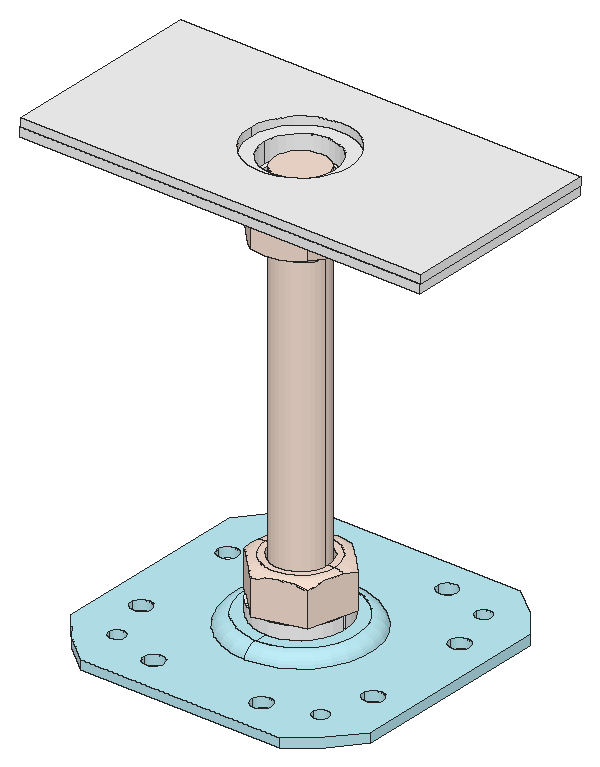
Revit family "GTクイーンST(Aタイプ)", category 機械設備, Revit 2020
Family settings
  丸型コネクタ寸法 = 直径を使用
  種別 = なし
  パーツ タイプ = 標準
  作業面ベース = いいえ
  常に垂直 = はい
  ロード時にボイドで切り取り = いいえ
  共有 = いいえ
  部屋計算ポイント = いいえ
Parameters
  製造元 = "株式会社桐井製作所"
  既定の高さ = 0 mm
  URL = "https://www.kirii.co.jp/"
  K_名称 = "GTクイーンST(Aタイプ)"
  K_備考 = "ボルト長さ60mm~250mmまで対応"
  K_バージョン情報 = "20230413"
Reference planes
  plane 1 "中心(正面/背面)": y = 0
  plane 2: z = 0
  plane 3 "中心(左/右)": x = 0
Dimensions and locks
  aligned and locked: level to plane 2
Nested families
  nested 1: "クッションゴムGTクイーン用" at (0.038, 0, 107.3), type "クッションゴムGTクイーン用"
  nested 2: "1／2”ボルト" at (0.038, 0, 0), type "1／2”ボルト"
  nested 3: "受け金具GTクイーン用" at (0, 0, 107.3) x (1, 0, 0) z (0, 0, -1), type "受け金具GTクイーン用"
  nested 4: "1／2”ナット" at (0.076, 0, 99.1) x (1, 0, 0) z (0, 0, -1), type "1／2”ナット"
  nested 5: "1／2”スプリングワッシャー" at (-0.038, 0, 99.1), type "1／2”スプリングワッシャー"
  nested 6: "NDプレートST" at (0.076, 0, 0), type "NDプレートST"
  nested 7: "1／2”ナット" at (0.076, 0, 8.2), type "1／2”ナット"
  nested 8: "1／2”スプリングワッシャー" at (0.038, 0, 5), type "1／2”スプリングワッシャー"
Definition of nested family "クッションゴムGTクイーン用"
  Parameters (values of type "クッションゴムGTクイーン用")
    Manufacturer = "株式会社桐井製作所"
    Default Elevation = 0 mm
    URL = "https://www.kirii.co.jp/"
    K_材質 = "天然ゴム"
    K_名称 = "クッションゴムGTクイーン用"
    K_バージョン情報 = "20221212"
    K_JIS規格 = "JIS Ｋ 6386"
  Reference planes
    plane 1 "中心(正面/背面)": y = 0
    plane 2: z = 0
    plane 3 "中心(左/右)": x = 0
  Forms (mm)
    Extrusion 1, solid
      sketch origin (0, 0, -108.4) x (-1, 0, 0) y (0, 0, 1)
        loop
          line (50, 108.4) -> (50, 110.4) -> (-50, 110.4) -> (-50, 108.4) -> (50, 108.4)
      from -25 to 25
    Extrusion 2, void
      sketch origin (0, 0, 0) x (1, 0, 0) y (0, 1, 0)
        loop
          circle (0, 0) r 12.5
      from 0 to 2
  Cuts and joins
    Extrusion 2 cuts Extrusion 1
  Dimensions and locks
    aligned and locked: level to plane 2
Definition of nested family "1／2”ボルト"
  Parameters (values of type "1／2”ボルト")
    Manufacturer = "株式会社桐井製作所"
    Default Elevation = 0 mm
    URL = "https://www.kirii.co.jp/"
    K_長さ(mm) = 105 mm
    K_材質 = "軟鋼線材"
    K_名称 = "1/2”ボルト"
    K_単位質量(㎏/mm) = 0.075
    K_バージョン情報 = "20221212"
    K_めっき付着量 = "JIS H 8610 電気亜鉛めっき1級以上　JIS H 8625 1級CM1A以上"
    K_JIS規格 = "JIS G 3505　同等以上"
  Reference planes
    plane 1 "中心(正面/背面)": y = 0
    plane 2: z = 0
    plane 3 "中心(左/右)": x = 0
  Forms (mm)
    Extrusion 1, solid
      sketch origin (0.058, 0, 0) x (1, 0, 0) y (0, 1, 0)
        loop
          circle (-0.02, 0) r 6.35
      from 0 to 105
  Dimensions and locks
    "K_長さ(mm)": Extrusion 1 to Extrusion 1
    aligned and locked: level to plane 2
  Automatic sketch dimensions
    plane 1 "中心(正面/背面)" to Extrusion 1 sketch curve = 0 mm
    plane 3 "中心(左/右)" to Extrusion 1 sketch curve = 0.038 mm
    radius of Extrusion 1 sketch curve = 6.35 mm
Definition of nested family "受け金具GTクイーン用"
  Parameters (values of type "受け金具GTクイーン用")
    Manufacturer = "株式会社桐井製作所"
    Default Elevation = 0 mm
    URL = "https://www.kirii.co.jp/"
    K_表面処理 = "Z12以上"
    K_材質 = "溶融亜鉛めっき鋼板及び鋼帯 JIS G 3302"
    K_名称 = "GTクイーン用受け金具"
    K_バージョン情報 = "20221212"
  Reference planes
    plane 1 "中心(正面/背面)": y = 0
    plane 2: z = 0
    plane 3 "中心(左/右)": x = 0
  Forms (mm)
    Extrusion 1, solid
      sketch origin (0, 0, 0) x (1, 0, 0) y (0, 0, 1)
        loop
          line (-50, 2.3) -> (-50, 0) -> (50, 0) -> (50, 2.3) -> (-50, 2.3)
      from -25 to 25
    Revolve 2, solid
      sketch origin (0, 0, 0) x (1, 0, 0) y (0, 0, 1)
        loop
          line (0, 5) -> (0, 2.3) -> (17.5, 2.3)
          arc (17.5, 2.3) -> (16.21, 4.247) -> (14, 5) r 3.619
          line (14, 5) -> (0, 5)
        axis (0, 5) -> (0, 2.3)
      angle from 0 to 360
    Extrusion 3, void
      sketch origin (0, 0, 0) x (1, 0, 0) y (0, 1, 0)
        loop
          circle (-0.139, 0) r 9
      from 0 to 5
    Extrusion 4, void
      sketch origin (0, 0, 0) x (1, 0, 0) y (0, 1, 0)
        loop
          circle (-35.139, -10) r 2
        loop
          circle (34.861, 10) r 2
      from 0 to 2.3
  Cuts and joins
    Extrusion 3, Extrusion 4 cuts Extrusion 1
    Extrusion 3, Extrusion 4 cuts Revolve 2
    joined: Extrusion 1, Revolve 2
  Dimensions and locks
    aligned and locked: level to plane 2
Definition of nested family "1／2”ナット"
  Parameters (values of type "1／2”ナット")
    Manufacturer = "株式会社桐井製作所"
    Default Elevation = 0 mm
    URL = "https://www.kirii.co.jp/"
    K_材質 = "JIS H 8610 電気亜鉛めっき1級以上　JIS H 8625 1級CM1A以上"
    K_名称 = "1/2\"ナット"
    K_単位質量(kg/個) = 0.021
    K_バージョン情報 = "20221212"
    K_JIS規格 = "軟鋼線材 JIS G 3505 同等以上"
  Reference planes
    plane 1 "中心(正面/背面)": y = 0
    plane 2: z = 0
    plane 3 "中心(左/右)": x = 0
  Forms (mm)
    Revolve 1, solid
      sketch origin (0, 0, 2.36) x (1, 0, 0) y (0, 0, 1)
        loop
          line (7, 7.64) -> (7, -2.36) -> (13, -2.36) -> (13, 4.782)
          arc (13, 4.782) -> (11.208, 6.863) -> (8.573, 7.64) r 4.858
          line (8.573, 7.64) -> (7, 7.64)
        axis (0, 7.64) -> (0, -2.36)
      angle from 0 to 360
    Extrusion 2, void
      sketch origin (0, 0, 0) x (1, 0, 0) y (0, 1, 0)
        loop
          circle (0, 0) r 14
        loop
          line (3.138, 11.711) -> (-8.573, 8.573) -> (-11.711, -3.138) -> (-3.138, -11.711) -> (8.573, -8.573) -> (11.711, 3.138) -> (3.138, 11.711)
      from 0 to 10
  Cuts and joins
    Extrusion 2 cuts Revolve 1
  Dimensions and locks
    aligned and locked: level to plane 2
Definition of nested family "1／2”スプリングワッシャー"
  Parameters (values of type "1／2”スプリングワッシャー")
    Manufacturer = "株式会社桐井製作所"
    Default Elevation = 0 mm
    URL = "https://www.kirii.co.jp/"
    K_表面処理 = "JIS H 8610 電気亜鉛めっき1級以上　JIS H 8625 1級CM1A以上"
    K_材質 = "軟鋼線材 JIS G 3505 同等以上"
    K_名称 = "1/2”スプリングワッシャー"
    K_単位質量(kg/個) = 0.001
    K_バージョン情報 = "20221219"
  Reference planes
    plane 1 "中心(正面/背面)": y = 0
    plane 2: z = 0
    plane 3 "中心(左/右)": x = 0
  Forms (mm)
    Extrusion 1, solid
      sketch origin (0, 0, 0) x (1, 0, 0) y (0, 1, 0)
        loop
          line (10.989, 0.5) -> (7.984, 0.5)
          arc (7.984, 0.5) -> (-8, 0) -> (7.984, -0.5) r 8
          line (7.984, -0.5) -> (10.989, -0.5)
          arc (10.989, -0.5) -> (-11, 0) -> (10.989, 0.5) r 11
      from 0 to 3.2
  Dimensions and locks
    aligned and locked: level to plane 2
Definition of nested family "NDプレートST"
  Parameters (values of type "NDプレートST")
    Manufacturer = "株式会社桐井製作所"
    Default Elevation = 0 mm
    URL = "https://www.kirii.co.jp/"
    K_名称 = "NDプレートST"
    K_バージョン情報 = "20230328"
  Reference planes
    plane 1 "中心(正面/背面)": y = 0
    plane 2: z = 0
    plane 3 "中心(左/右)": x = 0
  Forms (mm)
    Extrusion 1, solid
      sketch origin (0, 0, 0) x (1, 0, 0) y (0, 1, 0)
        loop
          line (24.875, 37.5) -> (-24.875, 37.5)
          arc (-24.875, 37.5) -> (-31.82, 31.82) -> (-37.5, 24.875) r 45
          line (-37.5, 24.875) -> (-37.5, -24.875)
          arc (-37.5, -24.875) -> (-31.82, -31.82) -> (-24.875, -37.5) r 45
          line (-24.875, -37.5) -> (24.875, -37.5)
          arc (24.875, -37.5) -> (31.82, -31.82) -> (37.5, -24.875) r 45
          line (37.5, -24.875) -> (37.5, 24.875)
          arc (37.5, 24.875) -> (31.82, 31.82) -> (24.875, 37.5) r 45
        loop
          circle (-29, 13.5) r 2.5
        loop
          circle (-25.456, 25.456) r 2
        loop
          circle (-13.5, 29) r 2.5
        loop
          circle (13.5, 29) r 2.5
        loop
          circle (25.456, 25.456) r 2
        loop
          circle (29, 13.5) r 2.5
        loop
          circle (29, -13.5) r 2.5
        loop
          circle (25.456, -25.456) r 2
        loop
          circle (13.5, -29) r 2.5
        loop
          circle (-13.5, -29) r 2.5
        loop
          circle (-25.456, -25.456) r 2
        loop
          circle (-29, -13.5) r 2.5
      from 0 to 2.3
    Revolve 2, solid
      sketch origin (0, 0, 0) x (0, 1, 0) y (0, 0, 1)
        loop
          line (0, 5) -> (-14.001, 5)
          arc (-14.001, 5) -> (-16.211, 4.247) -> (-17.501, 2.3) r 3.619
          line (-17.501, 2.3) -> (0, 2.3) -> (0, 5)
        axis (0, 2.3) -> (0, 5)
      angle from 0 to 360
    Extrusion 3, void
      sketch origin (0, 0, 0) x (1, 0, 0) y (0, 1, 0)
        loop
          circle (0, 0) r 6
      from 0 to 5
  Cuts and joins
    Extrusion 3 cuts Extrusion 1
    Extrusion 3 cuts Revolve 2
    joined: Extrusion 1, Revolve 2
  Dimensions and locks
    aligned and locked: level to plane 2
